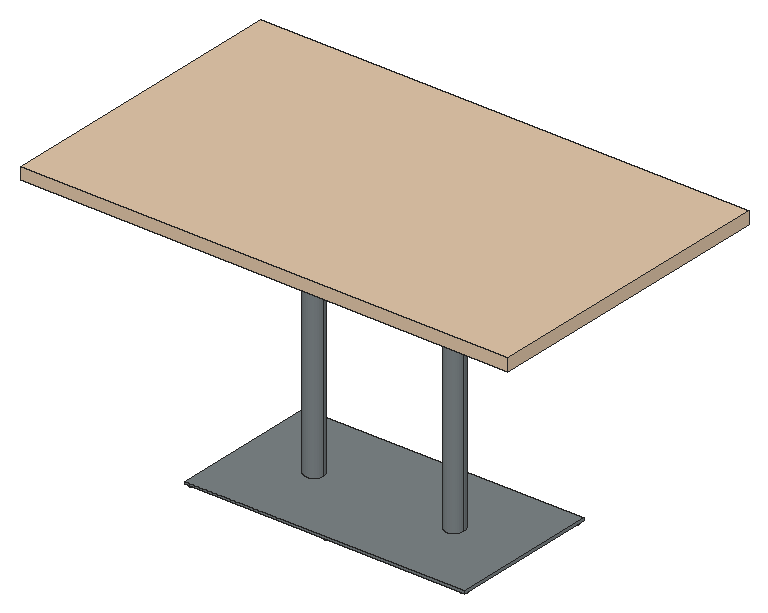
Revit family "FU_Table_Sandler_599T-MT", category Furniture, Revit 2020
Family settings
  OmniClass Number = 23.40.20.00
  OmniClass Title = General Furniture and Specialties
  Work Plane-Based = No
  Always vertical = Yes
  Cut with Voids When Loaded = No
  Shared = No
  Room Calculation Point = No
Parameters (values of type "599T-MT - 32x52" Top")
  Width = 747 mm
  URL = "https://www.sandlerseating.com/product/599t-mt/"
  Top Type = FU_TableTops_Rect : 32x52" Top (80x130cm)
  Top Finish [instance] = Wood - Beech - Chestnut Stained
  Top Elevation = Height  # 720 mm
  Model = "599T-MT"
  Manufacturer = "Sandler"
  Height = 720 mm
  Frame Finish [instance] = Metal - Paint -AL VR - Anthracite Grey
  Description = "Double column table base. Available in powdercoat and painted finishes.\r\nOptional upcharge for outdoor version with galvanized-treated frame and adjustable feet."
  Depth = 397 mm
  Default Elevation = 0 mm
Types (4, lengths in mm): name | Top Type | Top Finish | Frame Finish
  599T-MT - 28x48" Top | FU_TableTops_Rect : 28x48" Top (70x120cm) | Wood - Beech - Honey Stained | Metal - Paint -AL VR - White Aluminium
  599T-MT - 28x52" Top | FU_TableTops_Rect : 28x52" Top (70x130cm) | Wood - Beech - Grey Stained | Metal - Paint -AL VR - Pure White
  599T-MT - 32x48" Top | FU_TableTops_Rect : 32x48" Top (80x120cm) | Wood - Beech - Dark Brown Stained | Metal - Paint - VR Pewter
  599T-MT - 32x52" Top | FU_TableTops_Rect : 32x52" Top (80x130cm) | Wood - Beech - Chestnut Stained | Metal - Paint -AL VR - Anthracite Grey
Reference planes
  plane 1 "Center (Front/Back)": y = 0
  plane 2: z = 0
  plane 3 "Center (Left/Right)": x = 0
  plane 4 "Right": x = -373.5
  plane 5 "Left": x = 373.5
  plane 6 "Back": y = 198.5
  plane 7 "Front": y = -198.5
  plane 8 "Height": z = 720
  plane 9 "Glide height": z = 4
  plane 10 "LG H": y = 185.83
  plane 11: x = -187.5
  plane 12: x = 187.5
  plane 13: z = 700
Forms (mm)
  Extrusion 1, solid, material "Metal - Paint -AL VR - Anthracite Grey" <- "Frame Finish"
    sketch origin (0, 0, 4) x (-1, 0, 0) y (0, -1, 0)
      loop
        line (373.5, -198.5) -> (373.5, 198.5) -> (-373.5, 198.5) -> (-373.5, -198.5) -> (373.5, -198.5)
    from 0 to 6
  Revolve 2, solid, material "Rubber, Black"
    sketch origin (0, 185.83, 0) x (-1, 0, 0) y (0, 0, 1)
      loop
        line (370.83, 4) -> (360.83, 4) -> (360.83, 0) -> (368.83, 0)
        arc (368.83, 0) -> (370.244, 0.586) -> (370.83, 2) r 2
        line (370.83, 2) -> (370.83, 4)
      axis (360.83, 4) -> (360.83, 0)
    angle from 0 to 360
  Revolve 3, solid, material "Rubber, Black"
    sketch origin (0, 185.83, 0) x (1, 0, 0) y (0, 0, 1)
      loop
        line (370.83, 4) -> (360.83, 4) -> (360.83, 0) -> (368.83, 0)
        arc (368.83, 0) -> (370.244, 0.586) -> (370.83, 2) r 2
        line (370.83, 2) -> (370.83, 4)
      axis (360.83, 4) -> (360.83, 0)
    angle from 0 to 360
  Revolve 4, solid, material "Rubber, Black"
    sketch origin (0, -185.83, 0) x (-1, 0, 0) y (0, 0, -1)
      loop
        line (370.83, -4) -> (370.83, -2)
        arc (370.83, -2) -> (370.244, -0.586) -> (368.83, 0) r 2
        line (368.83, 0) -> (360.83, 0) -> (360.83, -4) -> (370.83, -4)
      axis (360.83, -4) -> (360.83, 0)
    angle from 0 to 360
  Revolve 5, solid, material "Rubber, Black"
    sketch origin (0, -185.83, 0) x (1, 0, 0) y (0, 0, 1)
      loop
        line (370.83, 4) -> (360.83, 4) -> (360.83, 0) -> (368.83, 0)
        arc (368.83, 0) -> (370.244, 0.586) -> (370.83, 2) r 2
        line (370.83, 2) -> (370.83, 4)
      axis (360.83, 4) -> (360.83, 0)
    angle from 0 to 360
  Revolve 6, solid, material "Rubber, Black"
    sketch origin (-360.83, 185.83, 0) x (1, 0, 0) y (0, 0, 1)
      loop
        line (370.83, 4) -> (360.83, 4) -> (360.83, 0) -> (368.83, 0)
        arc (368.83, 0) -> (370.244, 0.586) -> (370.83, 2) r 2
        line (370.83, 2) -> (370.83, 4)
      axis (360.83, 4) -> (360.83, 0)
    angle from 0 to 360
  Revolve 7, solid, material "Rubber, Black"
    sketch origin (-360.83, -185.83, 0) x (1, 0, 0) y (0, 0, 1)
      loop
        line (370.83, 4) -> (360.83, 4) -> (360.83, 0) -> (368.83, 0)
        arc (368.83, 0) -> (370.244, 0.586) -> (370.83, 2) r 2
        line (370.83, 2) -> (370.83, 4)
      axis (360.83, 4) -> (360.83, 0)
    angle from 0 to 360
  Extrusion 8, solid, material "Metal - Paint -AL VR - Anthracite Grey" <- "Frame Finish"
    sketch origin (0, 0, 4) x (-1, 0, 0) y (0, -1, 0)
      loop
        circle (187.5, 0) r 25
    from 6 to 696
  Extrusion 9, solid, material "Metal - Paint -AL VR - Anthracite Grey" <- "Frame Finish"
    sketch origin (0, 0, 4) x (1, 0, 0) y (0, 1, 0)
      loop
        circle (187.5, 0) r 25
    from 6 to 696
  Extrusion 10, solid, material "Metal - Paint -AL VR - Anthracite Grey" <- "Frame Finish"
    sketch origin (0, 0, 720) x (-1, 0, 0) y (0, -1, 0)
      loop
        line (235.5, 44.024) -> (307.236, 115.76)
        arc (307.236, 115.76) -> (304.418, 118.6) -> (301.532, 121.37) r 166.741
        line (301.532, 121.37) -> (227.879, 47.718) -> (147.12, 47.718) -> (73.468, 121.37)
        arc (73.468, 121.37) -> (70.582, 118.6) -> (67.764, 115.76) r 166.741
        line (67.764, 115.76) -> (139.5, 44.024) -> (139.5, -44.024) -> (67.486, -116.038)
        arc (67.486, -116.038) -> (70.298, -118.884) -> (73.177, -121.661) r 166.741
        line (73.177, -121.661) -> (146.556, -48.282) -> (228.444, -48.282) -> (301.823, -121.661)
        arc (301.823, -121.661) -> (304.702, -118.884) -> (307.514, -116.038) r 166.741
        line (307.514, -116.038) -> (235.5, -44.024) -> (235.5, 44.024)
    from -5.84 to -20
  Extrusion 11, solid, material "Metal - Paint -AL VR - Anthracite Grey" <- "Frame Finish"
    sketch origin (0, 0, 720) x (-1, 0, 0) y (0, -1, 0)
      loop
        arc (235.5, 9.198) -> (237.694, 20.46) -> (243.955, 30.074) r 30
        line (243.955, 30.074) -> (342.527, 131.809)
        arc (342.527, 131.809) -> (344.782, 137.439) -> (342.439, 143.033) r 8
        line (342.439, 143.033) -> (329.622, 155.85)
        arc (329.622, 155.85) -> (323.965, 158.193) -> (318.308, 155.85) r 8
        line (318.308, 155.85) -> (219.527, 57.069)
        arc (219.527, 57.069) -> (209.794, 50.566) -> (198.314, 48.282) r 30
        line (198.314, 48.282) -> (176.686, 48.282)
        arc (176.686, 48.282) -> (165.206, 50.566) -> (155.473, 57.069) r 30
        line (155.473, 57.069) -> (56.692, 155.85)
        arc (56.692, 155.85) -> (51.035, 158.193) -> (45.378, 155.85) r 8
        line (45.378, 155.85) -> (32.561, 143.033)
        arc (32.561, 143.033) -> (30.218, 137.439) -> (32.473, 131.809) r 8
        line (32.473, 131.809) -> (131.045, 30.074)
        arc (131.045, 30.074) -> (137.306, 20.46) -> (139.5, 9.198) r 30
        line (139.5, 9.198) -> (139.5, -9.198)
        arc (139.5, -9.198) -> (137.306, -20.46) -> (131.045, -30.074) r 30
        line (131.045, -30.074) -> (32.473, -131.809)
        arc (32.473, -131.809) -> (30.218, -137.439) -> (32.561, -143.033) r 8
        line (32.561, -143.033) -> (45.378, -155.85)
        arc (45.378, -155.85) -> (51.035, -158.193) -> (56.692, -155.85) r 8
        line (56.692, -155.85) -> (155.473, -57.069)
        arc (155.473, -57.069) -> (165.206, -50.566) -> (176.686, -48.282) r 30
        line (176.686, -48.282) -> (198.314, -48.282)
        arc (198.314, -48.282) -> (209.794, -50.566) -> (219.527, -57.069) r 30
        line (219.527, -57.069) -> (318.308, -155.85)
        arc (318.308, -155.85) -> (323.965, -158.193) -> (329.622, -155.85) r 8
        line (329.622, -155.85) -> (342.439, -143.033)
        arc (342.439, -143.033) -> (344.782, -137.439) -> (342.527, -131.809) r 8
        line (342.527, -131.809) -> (243.955, -30.074)
        arc (243.955, -30.074) -> (237.694, -20.46) -> (235.5, -9.198) r 30
        line (235.5, -9.198) -> (235.5, 9.198)
      loop
        line (53.101, -141.055) -> (62.998, -131.158)
        arc (62.998, -131.158) -> (62.998, -125.502) -> (57.342, -125.502) r 3.999
        line (57.342, -125.502) -> (47.445, -135.399)
        arc (47.445, -135.399) -> (47.5, -141.001) -> (53.101, -141.055) r 4
      loop
        arc (321.899, -141.055) -> (327.5, -141.001) -> (327.555, -135.399) r 4
        line (327.555, -135.399) -> (317.658, -125.502)
        arc (317.658, -125.502) -> (312.002, -125.502) -> (312.002, -131.158) r 3.999
        line (312.002, -131.158) -> (321.899, -141.055)
      loop
        arc (53.101, 141.055) -> (47.5, 141.001) -> (47.445, 135.399) r 4
        line (47.445, 135.399) -> (57.342, 125.502)
        arc (57.342, 125.502) -> (62.998, 125.502) -> (62.998, 131.158) r 3.999
        line (62.998, 131.158) -> (53.101, 141.055)
      loop
        line (321.899, 141.055) -> (312.002, 131.158)
        arc (312.002, 131.158) -> (312.002, 125.502) -> (317.658, 125.502) r 3.999
        line (317.658, 125.502) -> (327.555, 135.399)
        arc (327.555, 135.399) -> (327.5, 141.001) -> (321.899, 141.055) r 4
      loop
        circle (187.5, 0) r 7.5
    from -9.84 to 0
  Extrusion 12, solid, material "Metal - Paint -AL VR - Anthracite Grey" <- "Frame Finish"
    sketch origin (0, 0, 720) x (1, 0, 0) y (0, 1, 0)
      loop
        line (235.5, -44.024) -> (235.5, 44.024) -> (307.514, 116.038)
        arc (307.514, 116.038) -> (304.702, 118.884) -> (301.823, 121.661) r 166.741
        line (301.823, 121.661) -> (228.444, 48.282) -> (146.556, 48.282) -> (73.177, 121.661)
        arc (73.177, 121.661) -> (70.298, 118.884) -> (67.486, 116.038) r 166.741
        line (67.486, 116.038) -> (139.5, 44.024) -> (139.5, -44.024) -> (67.764, -115.76)
        arc (67.764, -115.76) -> (70.582, -118.6) -> (73.468, -121.37) r 166.741
        line (73.468, -121.37) -> (147.12, -47.718) -> (227.879, -47.718) -> (301.532, -121.37)
        arc (301.532, -121.37) -> (304.418, -118.6) -> (307.236, -115.76) r 166.741
        line (307.236, -115.76) -> (235.5, -44.024)
    from -5.84 to -20
  Extrusion 13, solid, material "Metal - Paint -AL VR - Anthracite Grey" <- "Frame Finish"
    sketch origin (0, 0, 720) x (1, 0, 0) y (0, 1, 0)
      loop
        line (235.5, -9.198) -> (235.5, 9.198)
        arc (235.5, 9.198) -> (237.694, 20.46) -> (243.955, 30.074) r 30
        line (243.955, 30.074) -> (342.527, 131.809)
        arc (342.527, 131.809) -> (344.782, 137.439) -> (342.439, 143.033) r 8
        line (342.439, 143.033) -> (329.622, 155.85)
        arc (329.622, 155.85) -> (323.965, 158.193) -> (318.308, 155.85) r 8
        line (318.308, 155.85) -> (219.527, 57.069)
        arc (219.527, 57.069) -> (209.794, 50.566) -> (198.314, 48.282) r 30
        line (198.314, 48.282) -> (176.686, 48.282)
        arc (176.686, 48.282) -> (165.206, 50.566) -> (155.473, 57.069) r 30
        line (155.473, 57.069) -> (56.692, 155.85)
        arc (56.692, 155.85) -> (51.035, 158.193) -> (45.378, 155.85) r 8
        line (45.378, 155.85) -> (32.561, 143.033)
        arc (32.561, 143.033) -> (30.218, 137.439) -> (32.473, 131.809) r 8
        line (32.473, 131.809) -> (131.045, 30.074)
        arc (131.045, 30.074) -> (137.306, 20.46) -> (139.5, 9.198) r 30
        line (139.5, 9.198) -> (139.5, -9.198)
        arc (139.5, -9.198) -> (137.306, -20.46) -> (131.045, -30.074) r 30
        line (131.045, -30.074) -> (32.473, -131.809)
        arc (32.473, -131.809) -> (30.218, -137.439) -> (32.561, -143.033) r 8
        line (32.561, -143.033) -> (45.378, -155.85)
        arc (45.378, -155.85) -> (51.035, -158.193) -> (56.692, -155.85) r 8
        line (56.692, -155.85) -> (155.473, -57.069)
        arc (155.473, -57.069) -> (165.206, -50.566) -> (176.686, -48.282) r 30
        line (176.686, -48.282) -> (198.314, -48.282)
        arc (198.314, -48.282) -> (209.794, -50.566) -> (219.527, -57.069) r 30
        line (219.527, -57.069) -> (318.308, -155.85)
        arc (318.308, -155.85) -> (323.965, -158.193) -> (329.622, -155.85) r 8
        line (329.622, -155.85) -> (342.439, -143.033)
        arc (342.439, -143.033) -> (344.782, -137.439) -> (342.527, -131.809) r 8
        line (342.527, -131.809) -> (243.955, -30.074)
        arc (243.955, -30.074) -> (237.694, -20.46) -> (235.5, -9.198) r 30
      loop
        arc (53.101, 141.055) -> (47.5, 141.001) -> (47.445, 135.399) r 4
        line (47.445, 135.399) -> (57.342, 125.502)
        arc (57.342, 125.502) -> (62.998, 125.502) -> (62.998, 131.158) r 3.999
        line (62.998, 131.158) -> (53.101, 141.055)
      loop
        line (321.899, 141.055) -> (312.002, 131.158)
        arc (312.002, 131.158) -> (312.002, 125.502) -> (317.658, 125.502) r 3.999
        line (317.658, 125.502) -> (327.555, 135.399)
        arc (327.555, 135.399) -> (327.5, 141.001) -> (321.899, 141.055) r 4
      loop
        line (53.101, -141.055) -> (62.998, -131.158)
        arc (62.998, -131.158) -> (62.998, -125.502) -> (57.342, -125.502) r 3.999
        line (57.342, -125.502) -> (47.445, -135.399)
        arc (47.445, -135.399) -> (47.5, -141.001) -> (53.101, -141.055) r 4
      loop
        arc (321.899, -141.055) -> (327.5, -141.001) -> (327.555, -135.399) r 4
        line (327.555, -135.399) -> (317.658, -125.502)
        arc (317.658, -125.502) -> (312.002, -125.502) -> (312.002, -131.158) r 3.999
        line (312.002, -131.158) -> (321.899, -141.055)
      loop
        circle (187.5, 0) r 7.5
    from -9.84 to 0
Cuts and joins
  joined: Extrusion 1, Extrusion 8, Extrusion 9, Extrusion 10, Extrusion 11, Extrusion 12, Extrusion 13
Dimensions and locks
  equal spacing: plane 4 "Right", plane 3 "Center (Left/Right)", plane 5 "Left"
  "Width": plane 4 "Right" to plane 5 "Left"
  equal spacing: plane 6 "Back", plane 1 "Center (Front/Back)", plane 7 "Front"
  "Depth": plane 6 "Back" to plane 7 "Front"
  "Height": plane 8 "Height" to level
  plane 9 "Glide height" to level = 4 mm
  locked: plane 8 "Height" to plane 13 at 20
  aligned and locked: level to plane 2
  aligned and locked: plane 13 to cut or joined group of Extrusion 1, Extrusion 8, Extrusion 9, Extrusion 10, Extrusion 11, Extrusion 12, Extrusion 13  (x2)
Automatic sketch dimensions
  Extrusion 1 sketch curve to plane 5 "Left" = 0 mm
  Extrusion 1 sketch curve to plane 4 "Right" = 0 mm
  Extrusion 1 sketch curve to plane 6 "Back" = 0 mm
  Extrusion 1 sketch curve to plane 7 "Front" = 0 mm
  Revolve 2 sketch curve to plane 9 "Glide height" = 0 mm  (x2)
  Revolve 2 sketch curve to level = 0 mm
  level to Revolve 2 sketch curve = 2 mm
  Revolve 2 sketch curve to plane 4 "Right" = 4.67 mm
  Revolve 2 sketch curve to level = 1.303 mm
  Revolve 3 sketch curve to plane 9 "Glide height" = 0 mm  (x2)
  Revolve 3 sketch curve to level = 0 mm
  Revolve 3 sketch curve to plane 5 "Left" = 12.67 mm
  Revolve 3 sketch curve to level = 2 mm
  Revolve 3 sketch curve to plane 5 "Left" = 4.67 mm
  Revolve 3 sketch curve to Revolve 3 sketch curve = 0 mm
  Revolve 3 sketch curve to Revolve 3 sketch curve = 1.303 mm
  Revolve 4 sketch curve to plane 9 "Glide height" = 0 mm  (x2)
  Revolve 4 sketch curve to level = 0 mm
  level to Revolve 4 sketch curve = 2 mm
  Revolve 4 sketch curve to plane 4 "Right" = 4.67 mm
  Revolve 4 sketch curve to level = 1.303 mm
  Revolve 5 sketch curve to plane 9 "Glide height" = 0 mm  (x2)
  Revolve 5 sketch curve to level = 0 mm
  plane 5 "Left" to Revolve 5 sketch curve = 12.67 mm
  level to Revolve 5 sketch curve = 2 mm
  plane 5 "Left" to Revolve 5 sketch curve = 4.67 mm
  Revolve 5 sketch curve to Revolve 5 sketch curve = 0 mm
  Revolve 5 sketch curve to Revolve 5 sketch curve = 1.303 mm
  Revolve 6 sketch curve to plane 9 "Glide height" = 0 mm  (x2)
  Revolve 6 sketch curve to level = 0 mm
  plane 3 "Center (Left/Right)" to Revolve 6 sketch curve = 0 mm
  Revolve 6 sketch curve to level = 2 mm
  Revolve 6 sketch curve to plane 3 "Center (Left/Right)" = 8 mm
  Revolve 6 sketch curve to Revolve 6 sketch curve = 0 mm
  Revolve 6 sketch curve to Revolve 6 sketch curve = 1.303 mm
  Revolve 7 sketch curve to plane 9 "Glide height" = 0 mm  (x2)
  Revolve 7 sketch curve to level = 0 mm
  Revolve 7 sketch curve to plane 3 "Center (Left/Right)" = 0 mm
  level to Revolve 7 sketch curve = 2 mm
  plane 3 "Center (Left/Right)" to Revolve 7 sketch curve = 8 mm
  Revolve 7 sketch curve to Revolve 7 sketch curve = 0 mm
  Revolve 7 sketch curve to Revolve 7 sketch curve = 1.303 mm
  Extrusion 10 sketch curve to Extrusion 10 sketch curve = 0 mm  (x12)
  Extrusion 10 sketch curve to plane 11 = 0 mm
  Extrusion 10 sketch curve to plane 11 = 40.38 mm
  Extrusion 10 sketch curve to plane 11 = 40.944 mm
  Extrusion 10 sketch curve to Extrusion 10 sketch curve = 7.056 mm  (x2)
  Extrusion 10 sketch curve to plane 3 "Center (Left/Right)" = 73.468 mm
  Extrusion 10 sketch curve to plane 3 "Center (Left/Right)" = 73.177 mm
  Extrusion 10 sketch curve to Extrusion 10 sketch curve = 5.704 mm  (x2)
  Extrusion 10 sketch curve to Extrusion 10 sketch curve = 5.691 mm  (x2)
  plane 11 to Extrusion 10 sketch curve = 40.38 mm
  plane 11 to Extrusion 10 sketch curve = 40.944 mm
  Extrusion 10 sketch curve to plane 10 "LG H" = 64.169 mm  (x2)
  Extrusion 10 sketch curve to Extrusion 10 sketch curve = 5.623 mm
  Extrusion 10 sketch curve to plane 1 "Center (Front/Back)" = 48.282 mm
  Extrusion 10 sketch curve to Extrusion 10 sketch curve = 4.258 mm  (x2)
  plane 1 "Center (Front/Back)" to Extrusion 10 sketch curve = 44.024 mm  (x2)
  Extrusion 10 sketch curve to Extrusion 10 sketch curve = 3.693 mm
  plane 7 "Front" to Extrusion 10 sketch curve = 82.74 mm  (x2)
  plane 1 "Center (Front/Back)" to Extrusion 11 sketch curve = 0 mm
  Extrusion 11 sketch curve to plane 11 = 0 mm
  Extrusion 11 sketch curve to plane 11 = 10.814 mm  (x2)
  Extrusion 11 sketch curve to Extrusion 11 sketch curve = 21.213 mm  (x5)
  plane 1 "Center (Front/Back)" to Extrusion 11 sketch curve = 9.198 mm  (x2)
  Extrusion 11 sketch curve to plane 11 = 48 mm
  Extrusion 11 sketch curve to plane 1 "Center (Front/Back)" = 30.074 mm  (x2)
  Extrusion 11 sketch curve to Extrusion 11 sketch curve = 8.455 mm  (x4)
  plane 1 "Center (Front/Back)" to Extrusion 11 sketch curve = 30.074 mm  (x2)
  Extrusion 11 sketch curve to plane 1 "Center (Front/Back)" = 9.198 mm  (x2)
  Extrusion 11 sketch curve to plane 3 "Center (Left/Right)" = 62.998 mm  (x2)
  Extrusion 11 sketch curve to Extrusion 11 sketch curve = 2.828 mm  (x12)
  Extrusion 11 sketch curve to Extrusion 11 sketch curve = 6.306 mm  (x4)
  Extrusion 11 sketch curve to Extrusion 11 sketch curve = 9.897 mm  (x8)
  Extrusion 11 sketch curve to Extrusion 11 sketch curve = 5.657 mm  (x18)
  Extrusion 11 sketch curve to Extrusion 11 sketch curve = 2.773 mm  (x6)
  Extrusion 11 sketch curve to Extrusion 11 sketch curve = 2.883 mm  (x6)
  Extrusion 11 sketch curve to plane 10 "LG H" = 29.98 mm  (x2)
  Extrusion 11 sketch curve to Extrusion 11 sketch curve = 9.227 mm  (x4)
  Extrusion 11 sketch curve to Extrusion 11 sketch curve = 5.745 mm  (x4)
  plane 11 to Extrusion 11 sketch curve = 10.814 mm  (x2)
  plane 11 to Extrusion 11 sketch curve = 48 mm
  Extrusion 11 sketch curve to Extrusion 11 sketch curve = 12.817 mm  (x2)
  Extrusion 11 sketch curve to Extrusion 11 sketch curve = 9.138 mm  (x4)
  Extrusion 11 sketch curve to Extrusion 11 sketch curve = 48.208 mm
  Extrusion 11 sketch curve to Extrusion 11 sketch curve = 0 mm
  plane 1 "Center (Front/Back)" to Extrusion 11 sketch curve = 48.282 mm
  Extrusion 11 sketch curve to Extrusion 11 sketch curve = 8.787 mm  (x2)
  plane 7 "Front" to Extrusion 11 sketch curve = 72.998 mm  (x2)
  Extrusion 11 sketch curve to Extrusion 11 sketch curve = 6.307 mm  (x2)
  Extrusion 11 sketch curve to Extrusion 11 sketch curve = 5.567 mm  (x2)
  Extrusion 12 sketch curve to Extrusion 12 sketch curve = 0 mm  (x12)
  Extrusion 12 sketch curve to plane 3 "Center (Left/Right)" = 67.486 mm
  Extrusion 12 sketch curve to plane 3 "Center (Left/Right)" = 67.764 mm
  Extrusion 12 sketch curve to Extrusion 12 sketch curve = 5.691 mm  (x2)
  Extrusion 12 sketch curve to Extrusion 12 sketch curve = 5.704 mm  (x2)
  plane 1 "Center (Front/Back)" to Extrusion 12 sketch curve = 44.024 mm  (x2)
  Extrusion 12 sketch curve to Extrusion 12 sketch curve = 72.014 mm
  plane 1 "Center (Front/Back)" to Extrusion 12 sketch curve = 48.282 mm
  Extrusion 12 sketch curve to Extrusion 12 sketch curve = 7.056 mm  (x2)
  Extrusion 12 sketch curve to plane 1 "Center (Front/Back)" = 47.718 mm
  Extrusion 12 sketch curve to Extrusion 12 sketch curve = 7.62 mm
  plane 1 "Center (Front/Back)" to Extrusion 12 sketch curve = 0.282 mm
  Extrusion 12 sketch curve to Extrusion 12 sketch curve = 40.38 mm  (x2)
  Extrusion 12 sketch curve to Extrusion 12 sketch curve = 40.944 mm
  Extrusion 12 sketch curve to plane 5 "Left" = 71.968 mm
  Extrusion 12 sketch curve to plane 5 "Left" = 71.677 mm
  plane 10 "LG H" to Extrusion 12 sketch curve = 69.792 mm  (x2)
  Extrusion 12 sketch curve to Extrusion 12 sketch curve = 3.693 mm  (x2)
  Extrusion 12 sketch curve to plane 7 "Front" = 82.74 mm  (x2)
  plane 1 "Center (Front/Back)" to Extrusion 13 sketch curve = 0 mm
  Extrusion 13 sketch curve to plane 3 "Center (Left/Right)" = 32.473 mm  (x2)
  Extrusion 13 sketch curve to Extrusion 13 sketch curve = 0.089 mm  (x2)
  Extrusion 13 sketch curve to Extrusion 13 sketch curve = 5.745 mm  (x4)
  Extrusion 13 sketch curve to Extrusion 13 sketch curve = 12.817 mm  (x4)
  Extrusion 13 sketch curve to Extrusion 13 sketch curve = 9.227 mm  (x4)
  Extrusion 13 sketch curve to Extrusion 13 sketch curve = 2.883 mm  (x6)
  Extrusion 13 sketch curve to Extrusion 13 sketch curve = 5.657 mm  (x16)
  Extrusion 13 sketch curve to Extrusion 13 sketch curve = 2.773 mm  (x6)
  plane 10 "LG H" to Extrusion 13 sketch curve = 29.98 mm  (x2)
  Extrusion 13 sketch curve to Extrusion 13 sketch curve = 9.897 mm  (x8)
  Extrusion 13 sketch curve to Extrusion 13 sketch curve = 2.828 mm  (x12)
  plane 1 "Center (Front/Back)" to Extrusion 13 sketch curve = 9.198 mm  (x2)
  Extrusion 13 sketch curve to plane 3 "Center (Left/Right)" = 109.5 mm
  Extrusion 13 sketch curve to Extrusion 13 sketch curve = 0 mm
  Extrusion 13 sketch curve to plane 1 "Center (Front/Back)" = 30.074 mm  (x2)
  Extrusion 13 sketch curve to Extrusion 13 sketch curve = 21.545 mm  (x2)
  plane 1 "Center (Front/Back)" to Extrusion 13 sketch curve = 30.074 mm  (x2)
  Extrusion 13 sketch curve to plane 1 "Center (Front/Back)" = 57.069 mm  (x2)
  Extrusion 13 sketch curve to Extrusion 13 sketch curve = 24.427 mm  (x2)
  plane 1 "Center (Front/Back)" to Extrusion 13 sketch curve = 57.069 mm  (x2)
  Extrusion 13 sketch curve to Extrusion 13 sketch curve = 21.213 mm  (x5)
  Extrusion 13 sketch curve to Extrusion 13 sketch curve = 48 mm  (x2)
  Extrusion 13 sketch curve to Extrusion 13 sketch curve = 21.628 mm  (x2)
  Extrusion 13 sketch curve to plane 1 "Center (Front/Back)" = 9.198 mm
  Extrusion 13 sketch curve to Extrusion 13 sketch curve = 8.455 mm  (x2)
  Extrusion 13 sketch curve to plane 5 "Left" = 61.498 mm  (x2)
  Extrusion 13 sketch curve to Extrusion 13 sketch curve = 6.306 mm  (x2)
  Extrusion 13 sketch curve to Extrusion 13 sketch curve = 9.138 mm  (x4)
  Extrusion 13 sketch curve to Extrusion 13 sketch curve = 8.787 mm
  Extrusion 13 sketch curve to plane 7 "Front" = 72.998 mm  (x2)
  Extrusion 13 sketch curve to Extrusion 13 sketch curve = 6.307 mm  (x2)
  Extrusion 13 sketch curve to Extrusion 13 sketch curve = 5.567 mm  (x2)
  Revolve 2 sketch curve to Revolve 2 sketch curve = 8 mm
  Revolve 2 sketch curve to Revolve 2 sketch curve = 0 mm
  Revolve 4 sketch curve to Revolve 4 sketch curve = 8 mm
  Revolve 4 sketch curve to Revolve 4 sketch curve = 0 mm
  Extrusion 10 sketch curve to plane 4 "Right" = 71.968 mm
  Extrusion 10 sketch curve to plane 4 "Right" = 71.677 mm
  Extrusion 11 sketch curve to plane 4 "Right" = 61.498 mm  (x2)
  plane 1 "Center (Front/Back)" to Extrusion 8 sketch curve = 0 mm
  Extrusion 8 sketch curve to plane 11 = 0 mm
  plane 1 "Center (Front/Back)" to Extrusion 9 sketch curve = 0 mm
  Extrusion 9 sketch curve to plane 12 = 0 mm
  radius of Extrusion 11 sketch curve = 7.5 mm
  radius of Extrusion 13 sketch curve = 7.5 mm
  radius of Extrusion 8 sketch curve = 25 mm
  radius of Extrusion 9 sketch curve = 25 mm
Nested families
  nested 1: "FU_TableTops_Rect" at (0, 0, 0), Top Finish <- "Top Finish", type <- "Top Type", Top Elevation <- "Top Elevation", type "32x52" Top (80x130cm)"
    with Top Finish Wood - Beech - Chestnut Stained, Top Elevation 720 mm
Definition of nested family "FU_TableTops_Rect"
  Parameters (values of type "32x55" Top (80x140cm)")
    Width = 1400 mm
    Top Finish [instance] = none
    Top Elevation [instance] = 1100 mm
    Depth = 800 mm
    Default Elevation = 0 mm
  Types (6, lengths in mm): name | Width | Depth
    28x48" Top (70x120cm) | 1200 | 700
    28x52" Top (70x130cm) | 1300 | 700
    32x48" Top (80x120cm) | 1200 | 800
    32x52" Top (80x130cm) | 1300 | 800
    28x55" Top (70x140cm) | 1400 | 700
    32x55" Top (80x140cm) | 1400 | 800
  Reference planes
    plane 1 "Center (Front/Back)": y = 0
    plane 2: z = 0
    plane 3 "Center (Left/Right)": x = 0
    plane 4 "Right": x = -700
    plane 5 "Left": x = 700
    plane 6 "Back": y = 400
    plane 7 "Front": y = -400
    plane 8 "Elevation": z = 1100
    plane 9 "Top Height": z = 1131.75
  Forms (mm)
    Extrusion 1, solid, material <- "Top Finish"
      sketch origin (0, 0, 1100) x (-1, 0, 0) y (0, -1, 0)
        loop
          line (700, -400) -> (700, 400) -> (-700, 400) -> (-700, -400) -> (700, -400)
      from 0 to 31.75
  Dimensions and locks
    equal spacing: plane 4 "Right", plane 3 "Center (Left/Right)", plane 5 "Left"
    "Width": plane 4 "Right" to plane 5 "Left"
    equal spacing: plane 6 "Back", plane 1 "Center (Front/Back)", plane 7 "Front"
    "Depth": plane 6 "Back" to plane 7 "Front"
    "Top Elevation": plane 8 "Elevation" to level
    locked: plane 9 "Top Height" to plane 8 "Elevation" at 31.75
    aligned and locked: level to plane 2
    aligned and locked: Extrusion 1 sketch curve to plane 6 "Back"
    aligned and locked: Extrusion 1 sketch curve to plane 4 "Right"
    aligned and locked: plane 7 "Front" to Extrusion 1 sketch curve
    aligned and locked: plane 5 "Left" to Extrusion 1 sketch curve
    aligned and locked: Extrusion 1 to plane 8 "Elevation"
    aligned and locked: plane 8 "Elevation" to Extrusion 1  (x2)
    aligned and locked: plane 9 "Top Height" to Extrusion 1
    aligned and locked: Extrusion 1 to plane 9 "Top Height"
